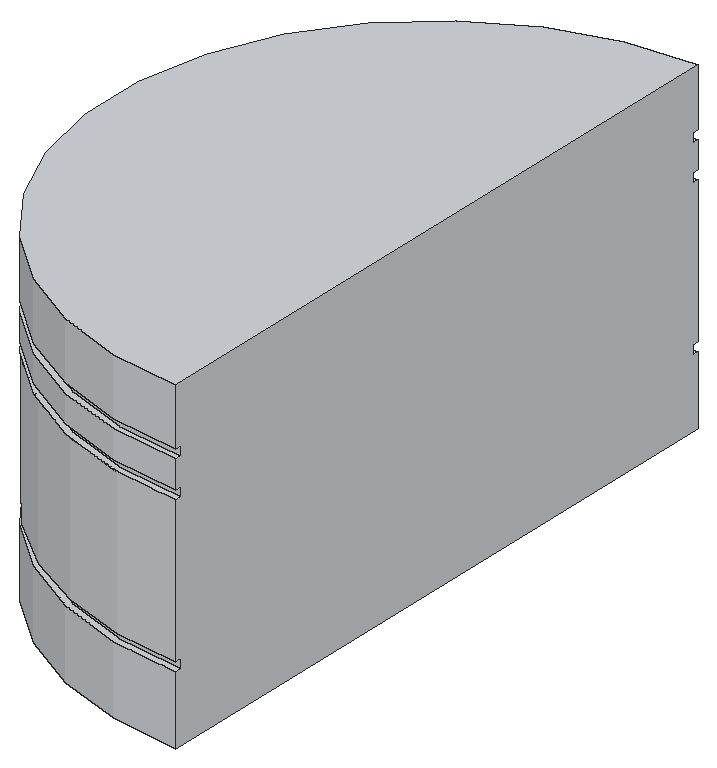
Revit family "7028", category Lighting Fixtures, Revit 2016
Family settings
  Part Type = Normal
  Round Connector Dimension = Use Diameter
  OmniClass Number = 23.80.70.00
  OmniClass Title = Lighting
  Work Plane-Based = No
  Always vertical = Yes
  Cut with Voids When Loaded = No
  Light Source = Yes
  Shared = No
  Room Calculation Point = No
Parameters
  Wattage = 12.1178 W
  built-in parameter 1150110 = 1 (stored number, unit not read)
  built-in parameter 1114217 = 1 (stored number, unit not read)
  built-in parameter 1150109 = 1 (stored number, unit not read)
  built-in parameter 1150134 = (empty or 0)
  built-in parameter 1150113 = 1 (stored number, unit not read)
  Lumens = 1800 lm
  built-in parameter 1150115 = 1 (stored number, unit not read)
  built-in parameter 1150105 = 143.24 (stored number, unit not read)
  Light Source Symbol Size = 2' - 0"
  built-in parameter 1150137 = (empty or 0)
  built-in parameter 1150139 = (empty or 0)
  built-in parameter 1150112 = 1 (stored number, unit not read)
  built-in parameter 1150114 = 1 (stored number, unit not read)
  built-in parameter 1150132 = 2
  built-in parameter 1150102 = (empty or 0)
  built-in parameter 1150138 = (empty or 0)
  built-in parameter 1150107 = 3000 (stored number, unit not read)
  built-in parameter 1150106 = 1.4324 (stored number, unit not read)
  built-in parameter 1150104 = 13.8 (stored number, unit not read)
  Dimming Lamp Color Temperature Shift = (empty or 0)
  Color Filter = 16777215
  built-in parameter 1114218 = 1 (stored number, unit not read)
  built-in parameter 1150133 = 10 (stored number, unit not read)
Reference planes (in)
  plane 1 "Light Source Axis (F/B)": y = 0
  plane 2: z = 0
  plane 3 "Light Source Axis (L/R)": x = 0.11693
  plane 4 "Light Source Elevation": z = -0.13986
Forms (in)
  Revolve 1, solid
    sketch origin (0.11693, 0, 0) x (0, 1, 0) y (0, 0, 1)
      loop
        line (0, 0) -> (0, 9) -> (-9, 9) -> (-9, 7.4006) -> (-8.82476, 7.4006) -> (-8.82476, 7.1506) -> (-9, 7.1506) -> (-9, 6.4006) -> (-8.82476, 6.4006) -> (-8.82476, 6.1506) -> (-9, 6.1506) -> (-9, 2.1506) -> (-8.82476, 2.1506) -> (-8.82476, 1.9006) -> (-9, 1.9006) -> (-9, 0) -> (0, 0)
      axis (0, 9) -> (0, 0)
    angle from 0 to 360
  Extrusion 2, void
    sketch origin (0.11693, 0, 0) x (0, 1, 0) y (0, 0, 1)
      loop
        line (-9, 9) -> (-9, 0) -> (0, 0) -> (0, 9) -> (-9, 9)
    from 0 to 12
  Extrusion 3, void
    sketch origin (0.11693, 0, 0) x (0, 1, 0) y (0, 0, 1)
      loop
        line (12, 0) -> (12, 9) -> (-9, 9) -> (-9, 0) -> (12, 0)
    from 0 to 12
Cuts and joins
  Extrusion 2, Extrusion 3 cuts Revolve 1
Dimensions and locks (in)
  aligned and locked: plane 3 "Light Source Axis (L/R)" to imposter light
  aligned and locked: plane 1 "Light Source Axis (F/B)" to imposter light
  aligned and locked: plane 4 "Light Source Elevation" to imposter light
  aligned and locked: level to plane 2
